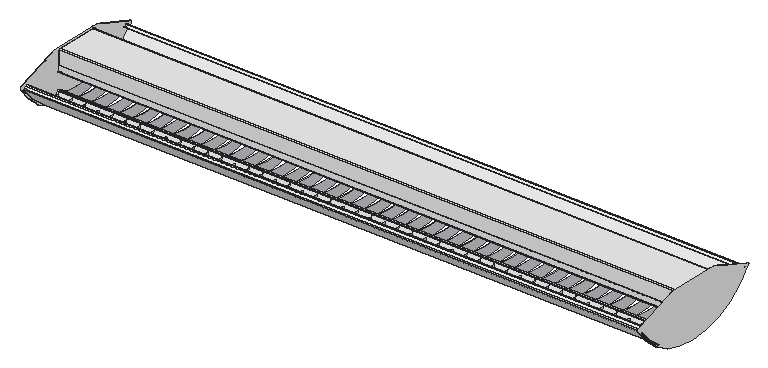
Revit family "LCBA46", category Lighting Fixtures, host Ceiling, Revit 2019 (continued)
Forms (in)
  Extrusion 50, solid
    sketch origin (-40.66667, 0, 0) x (0, 1, 0) y (0, 0, 1)
      loop
        line (1.90213, 72.88295) -> (1.84484, 72.86147) -> (1.81268, 72.94364)
        arc (1.81268, 72.94364) -> (-0.00072, 72.65579) -> (-1.81406, 72.94408) r 5.85148
        line (-1.81406, 72.94408) -> (-1.84484, 72.86147) -> (-1.90362, 72.88351)
        arc (-1.90362, 72.88351) -> (-1.99875, 72.88023) -> (-2.06363, 72.81059) r 0.12422
        line (-2.06363, 72.81059) -> (-2.1814, 72.49647)
        arc (-2.1814, 72.49647) -> (-2.17546, 72.44135) -> (-2.12767, 72.41325) r 0.0617
        line (-2.12767, 72.41325) -> (-2.01335, 72.41202) -> (-2.05986, 72.27994)
        arc (-2.05986, 72.27994) -> (0.00142, 71.9068) -> (2.06251, 72.28094) r 5.872
        line (2.06251, 72.28094) -> (2.01335, 72.41202) -> (2.1241, 72.41309)
        arc (2.1241, 72.41309) -> (2.17511, 72.4409) -> (2.18051, 72.49874) r 0.0618
        line (2.18051, 72.49874) -> (2.06311, 72.81193)
        arc (2.06311, 72.81193) -> (1.99756, 72.88131) -> (1.90213, 72.88295) r 0.12304
    from 22.84 to 22.872
  Extrusion 51, solid
    sketch origin (-41.68333, 0, 0) x (0, 1, 0) y (0, 0, 1)
      loop
        line (1.90213, 72.88295) -> (1.84484, 72.86147) -> (1.81268, 72.94364)
        arc (1.81268, 72.94364) -> (-0.00072, 72.65579) -> (-1.81406, 72.94408) r 5.85148
        line (-1.81406, 72.94408) -> (-1.84484, 72.86147) -> (-1.90362, 72.88351)
        arc (-1.90362, 72.88351) -> (-1.99875, 72.88023) -> (-2.06363, 72.81059) r 0.12422
        line (-2.06363, 72.81059) -> (-2.1814, 72.49647)
        arc (-2.1814, 72.49647) -> (-2.17546, 72.44135) -> (-2.12767, 72.41325) r 0.0617
        line (-2.12767, 72.41325) -> (-2.01335, 72.41202) -> (-2.05986, 72.27994)
        arc (-2.05986, 72.27994) -> (0.00142, 71.9068) -> (2.06251, 72.28094) r 5.872
        line (2.06251, 72.28094) -> (2.01335, 72.41202) -> (2.1241, 72.41309)
        arc (2.1241, 72.41309) -> (2.17511, 72.4409) -> (2.18051, 72.49874) r 0.0618
        line (2.18051, 72.49874) -> (2.06311, 72.81193)
        arc (2.06311, 72.81193) -> (1.99756, 72.88131) -> (1.90213, 72.88295) r 0.12304
    from 22.84 to 22.872
  Extrusion 52, solid
    sketch origin (-42.7, 0, 0) x (0, 1, 0) y (0, 0, 1)
      loop
        line (1.90213, 72.88295) -> (1.84484, 72.86147) -> (1.81268, 72.94364)
        arc (1.81268, 72.94364) -> (-0.00072, 72.65579) -> (-1.81406, 72.94408) r 5.85148
        line (-1.81406, 72.94408) -> (-1.84484, 72.86147) -> (-1.90362, 72.88351)
        arc (-1.90362, 72.88351) -> (-1.99875, 72.88023) -> (-2.06363, 72.81059) r 0.12422
        line (-2.06363, 72.81059) -> (-2.1814, 72.49647)
        arc (-2.1814, 72.49647) -> (-2.17546, 72.44135) -> (-2.12767, 72.41325) r 0.0617
        line (-2.12767, 72.41325) -> (-2.01335, 72.41202) -> (-2.05986, 72.27994)
        arc (-2.05986, 72.27994) -> (0.00142, 71.9068) -> (2.06251, 72.28094) r 5.872
        line (2.06251, 72.28094) -> (2.01335, 72.41202) -> (2.1241, 72.41309)
        arc (2.1241, 72.41309) -> (2.17511, 72.4409) -> (2.18051, 72.49874) r 0.0618
        line (2.18051, 72.49874) -> (2.06311, 72.81193)
        arc (2.06311, 72.81193) -> (1.99756, 72.88131) -> (1.90213, 72.88295) r 0.12304
    from 22.84 to 22.872
  Extrusion 53, solid
    sketch origin (-43.71667, 0, 0) x (0, 1, 0) y (0, 0, 1)
      loop
        line (1.90213, 72.88295) -> (1.84484, 72.86147) -> (1.81268, 72.94364)
        arc (1.81268, 72.94364) -> (-0.00072, 72.65579) -> (-1.81406, 72.94408) r 5.85148
        line (-1.81406, 72.94408) -> (-1.84484, 72.86147) -> (-1.90362, 72.88351)
        arc (-1.90362, 72.88351) -> (-1.99875, 72.88023) -> (-2.06363, 72.81059) r 0.12422
        line (-2.06363, 72.81059) -> (-2.1814, 72.49647)
        arc (-2.1814, 72.49647) -> (-2.17546, 72.44135) -> (-2.12767, 72.41325) r 0.0617
        line (-2.12767, 72.41325) -> (-2.01335, 72.41202) -> (-2.05986, 72.27994)
        arc (-2.05986, 72.27994) -> (0.00142, 71.9068) -> (2.06251, 72.28094) r 5.872
        line (2.06251, 72.28094) -> (2.01335, 72.41202) -> (2.1241, 72.41309)
        arc (2.1241, 72.41309) -> (2.17511, 72.4409) -> (2.18051, 72.49874) r 0.0618
        line (2.18051, 72.49874) -> (2.06311, 72.81193)
        arc (2.06311, 72.81193) -> (1.99756, 72.88131) -> (1.90213, 72.88295) r 0.12304
    from 22.84 to 22.872
  Extrusion 54, solid
    sketch origin (-44.73333, 0, 0) x (0, 1, 0) y (0, 0, 1)
      loop
        line (1.90213, 72.88295) -> (1.84484, 72.86147) -> (1.81268, 72.94364)
        arc (1.81268, 72.94364) -> (-0.00072, 72.65579) -> (-1.81406, 72.94408) r 5.85148
        line (-1.81406, 72.94408) -> (-1.84484, 72.86147) -> (-1.90362, 72.88351)
        arc (-1.90362, 72.88351) -> (-1.99875, 72.88023) -> (-2.06363, 72.81059) r 0.12422
        line (-2.06363, 72.81059) -> (-2.1814, 72.49647)
        arc (-2.1814, 72.49647) -> (-2.17546, 72.44135) -> (-2.12767, 72.41325) r 0.0617
        line (-2.12767, 72.41325) -> (-2.01335, 72.41202) -> (-2.05986, 72.27994)
        arc (-2.05986, 72.27994) -> (0.00142, 71.9068) -> (2.06251, 72.28094) r 5.872
        line (2.06251, 72.28094) -> (2.01335, 72.41202) -> (2.1241, 72.41309)
        arc (2.1241, 72.41309) -> (2.17511, 72.4409) -> (2.18051, 72.49874) r 0.0618
        line (2.18051, 72.49874) -> (2.06311, 72.81193)
        arc (2.06311, 72.81193) -> (1.99756, 72.88131) -> (1.90213, 72.88295) r 0.12304
    from 22.84 to 22.872
Dimensions and locks (in)
  equal spacing: host sketch curve, plane 3 "Light Source Axis (L/R)", host sketch curve
  equal spacing: host sketch curve, plane 1 "Light Source Axis (F/B)", host sketch curve
  host sketch curve to host sketch curve = 10' - 0"  (x2)
  equal spacing: plane 5, plane 3 "Light Source Axis (L/R)", plane 6
  "Length": plane 5 to plane 6
  equal spacing: plane 7, plane 1 "Light Source Axis (F/B)", plane 8
  "Width": plane 7 to plane 8
  plane 5 to plane 3 "Light Source Axis (L/R)" = 1' - 11 1/16"
  plane 7 to plane 1 "Light Source Axis (F/B)" = 0' - 5 1/8"
  plane 6 to plane 3 "Light Source Axis (L/R)" = 1' - 11 1/16"
  locked: plane 9 to plane 5 at 0.03125
  locked: plane 10 to plane 6 at 0.03125
  plane 4 "Light Source Elevation" to host ceiling = 1' - 11 5/8"
  locked: plane 5 to plane 11 at 0.0625
  locked: plane 12 to plane 6 at 0.0625
  locked: plane 13 "Start of Divider" to plane 6 at 0.1905
  equal spacing: group 2, group 46, group 45, group 44, group 43, group 42, group 41, group 40, group 39, group 38, group 37, group 36, group 35, group 34, group 33, group 32, group 31, group 30, group 29, group 28, group 27, group 26, group 25, group 24, group 23, group 22, group 21, group 20, group 19, group 18, group 17, group 16, group 15, group 14, group 13, group 12, group 11, group 10, group 9, group 8, group 7, group 6, group 5, group 4, group 3, group 1
  equal spacing: group 1, group 3, group 4, group 5, group 6, group 7, group 8, group 9, group 10, group 11, group 12, group 13, group 14, group 15, group 16, group 17, group 18, group 19, group 20, group 21, group 22, group 23, group 24, group 25, group 26, group 27, group 28, group 29, group 30, group 31, group 32, group 33, group 34, group 35, group 36, group 37, group 38, group 39, group 40, group 41, group 42, group 43, group 44, group 45, group 46, group 2  (x2)
  aligned and locked: plane 3 "Light Source Axis (L/R)" to imposter light
  aligned and locked: plane 1 "Light Source Axis (F/B)" to imposter light
  aligned and locked: plane 4 "Light Source Elevation" to imposter light
  aligned and locked: plane 6 to Extrusion 1
  aligned and locked: Extrusion 1 to plane 10
  aligned and locked: Extrusion 2 to plane 5
  aligned and locked: Extrusion 2 to plane 9
  aligned and locked: Extrusion 3 to plane 9
  aligned and locked: plane 10 to Extrusion 3
  aligned and locked: Extrusion 4 to plane 9
  aligned and locked: Extrusion 4 to Extrusion 1
  aligned and locked: Extrusion 5 to plane 9
  aligned and locked: plane 10 to Extrusion 5
  aligned and locked: Extrusion 6 to Extrusion 1
  aligned and locked: Extrusion 6 to plane 12
  aligned and locked: Extrusion 7 to plane 9
  aligned and locked: plane 11 to Extrusion 7
  aligned and locked: Extrusion 8 to plane 11
  aligned and locked: plane 12 to Extrusion 8
  aligned and locked: Extrusion 9 to plane 13 "Start of Divider"
Automatic sketch dimensions
  Extrusion 1 sketch curve to plane 8 = 0' - 0"  (x2)
  Extrusion 1 sketch curve to plane 1 "Light Source Axis (F/B)" = 0' - 0"
  Extrusion 1 sketch curve to plane 7 = 0' - 0"  (x2)
  plane 8 to Extrusion 1 sketch curve = 0' - 0.06165"
  plane 8 to Extrusion 1 sketch curve = 0' - 0.10459"
  plane 1 "Light Source Axis (F/B)" to Extrusion 1 sketch curve = 0' - 2.37456"
  plane 1 "Light Source Axis (F/B)" to Extrusion 1 sketch curve = 0' - 1 11/16"
  Extrusion 1 sketch curve to plane 1 "Light Source Axis (F/B)" = 0' - 1 11/16"
  Extrusion 1 sketch curve to Extrusion 1 sketch curve = 0' - 0.68706"
  Extrusion 1 sketch curve to plane 7 = 0' - 0.10459"
  Extrusion 1 sketch curve to plane 7 = 0' - 0.06165"
  Extrusion 1 sketch curve to plane 4 "Light Source Elevation" = 0' - 1.969"  (x2)
  Extrusion 1 sketch curve to plane 4 "Light Source Elevation" = 0' - 2.74635"
  Extrusion 1 sketch curve to Extrusion 1 sketch curve = 0' - 0.11739"
  Extrusion 1 sketch curve to Extrusion 1 sketch curve = 0' - 1.87828"
  Extrusion 2 sketch curve to plane 8 = 0' - 0"  (x2)
  Extrusion 2 sketch curve to plane 1 "Light Source Axis (F/B)" = 0' - 0"
  Extrusion 2 sketch curve to plane 7 = 0' - 0"  (x2)
  plane 8 to Extrusion 2 sketch curve = 0' - 0.06165"
  plane 8 to Extrusion 2 sketch curve = 0' - 0.10459"
  plane 1 "Light Source Axis (F/B)" to Extrusion 2 sketch curve = 0' - 2.37456"
  plane 1 "Light Source Axis (F/B)" to Extrusion 2 sketch curve = 0' - 1 11/16"
  Extrusion 2 sketch curve to plane 1 "Light Source Axis (F/B)" = 0' - 1 11/16"
  Extrusion 2 sketch curve to Extrusion 2 sketch curve = 0' - 0.68706"
  Extrusion 2 sketch curve to plane 7 = 0' - 0.10459"
  Extrusion 2 sketch curve to plane 7 = 0' - 0.06165"
  Extrusion 2 sketch curve to plane 4 "Light Source Elevation" = 0' - 6.032"
  Extrusion 2 sketch curve to Extrusion 2 sketch curve = 0' - 2.063"
  Extrusion 2 sketch curve to Extrusion 2 sketch curve = 0' - 0.12172"  (x2)
  Extrusion 2 sketch curve to Extrusion 2 sketch curve = 0' - 0.98354"
  Extrusion 3 sketch curve to Extrusion 3 sketch curve = 0' - 0"  (x9)
  Extrusion 3 sketch curve to plane 1 "Light Source Axis (F/B)" = 0' - 0.15717"
  Extrusion 3 sketch curve to plane 1 "Light Source Axis (F/B)" = 0' - 1.58208"
  Extrusion 3 sketch curve to plane 4 "Light Source Elevation" = 0' - 1.14403"
  Extrusion 3 sketch curve to Extrusion 3 sketch curve = 0' - 0.00572"
  Extrusion 3 sketch curve to plane 4 "Light Source Elevation" = 0' - 1.20319"
  Extrusion 3 sketch curve to Extrusion 3 sketch curve = 0' - 0.15265"
  Extrusion 3 sketch curve to Extrusion 3 sketch curve = 0' - 0.00571"
  Extrusion 3 sketch curve to Extrusion 3 sketch curve = 0' - 0.0069"
  Extrusion 3 sketch curve to Extrusion 3 sketch curve = 0' - 0.00002"
  Extrusion 3 sketch curve to plane 4 "Light Source Elevation" = 0' - 0.48292"
  Extrusion 3 sketch curve to Extrusion 3 sketch curve = 0' - 0.35994"
  Extrusion 3 sketch curve to plane 7 = 0' - 0.68708"
  Extrusion 3 sketch curve to Extrusion 3 sketch curve = 0' - 0.01592"  (x2)
  Extrusion 3 sketch curve to Extrusion 3 sketch curve = 0' - 0.20109"
  Extrusion 3 sketch curve to Extrusion 3 sketch curve = 0' - 0.01987"
  Extrusion 3 sketch curve to Extrusion 3 sketch curve = 0' - 0.02474"  (x2)
  Extrusion 3 sketch curve to Extrusion 3 sketch curve = 0' - 0.01982"  (x2)
  Extrusion 3 sketch curve to Extrusion 3 sketch curve = 0' - 0.15227"
  Extrusion 3 sketch curve to Extrusion 3 sketch curve = 0' - 0.00269"
  Extrusion 3 sketch curve to Extrusion 3 sketch curve = 0' - 0.02579"  (x2)
  Extrusion 3 sketch curve to Extrusion 3 sketch curve = 0' - 0.03219"
  Extrusion 3 sketch curve to plane 4 "Light Source Elevation" = 0' - 8.81425"
  plane 7 to Extrusion 3 sketch curve = 1' - 6.15424"
  Extrusion 3 sketch curve to Extrusion 3 sketch curve = 0' - 0.00005"
  Extrusion 3 sketch curve to Extrusion 3 sketch curve = 0' - 0.06783"
  Extrusion 3 sketch curve to Extrusion 3 sketch curve = 0' - 0.00011"
  Extrusion 3 sketch curve to Extrusion 3 sketch curve = 0' - 0.03066"
  Extrusion 3 sketch curve to plane 4 "Light Source Elevation" = 0' - 2.54053"
  Extrusion 3 sketch curve to Extrusion 3 sketch curve = 0' - 0.01764"  (x2)
  Extrusion 3 sketch curve to Extrusion 3 sketch curve = 0' - 0.05099"
  Extrusion 3 sketch curve to Extrusion 3 sketch curve = 0' - 0.02202"
  Extrusion 3 sketch curve to Extrusion 3 sketch curve = 0' - 0.04169"
  Extrusion 3 sketch curve to Extrusion 3 sketch curve = 0' - 0.02689"
  Extrusion 3 sketch curve to Extrusion 3 sketch curve = 0' - 0.03356"
  Extrusion 3 sketch curve to Extrusion 3 sketch curve = 0' - 4.57795"
  Extrusion 3 sketch curve to Extrusion 3 sketch curve = 0' - 0.00017"
  Extrusion 3 sketch curve to Extrusion 3 sketch curve = 0' - 0.03546"
  Extrusion 3 sketch curve to Extrusion 3 sketch curve = 0' - 0.02926"
  Extrusion 3 sketch curve to Extrusion 3 sketch curve = 0' - 0.02904"
  Extrusion 4 sketch curve to Extrusion 4 sketch curve = 0' - 0"  (x14)
  Extrusion 4 sketch curve to plane 4 "Light Source Elevation" = 0' - 8.8141"
  Extrusion 4 sketch curve to plane 8 = 1' - 6.1543"
  plane 8 to Extrusion 4 sketch curve = 0' - 0.25148"
  Extrusion 4 sketch curve to Extrusion 4 sketch curve = 0' - 0.01982"  (x2)
  Extrusion 4 sketch curve to Extrusion 4 sketch curve = 0' - 0.02395"  (x2)
  Extrusion 4 sketch curve to Extrusion 4 sketch curve = 0' - 0.15496"
  Extrusion 4 sketch curve to Extrusion 4 sketch curve = 0' - 0.01923"
  Extrusion 4 sketch curve to Extrusion 4 sketch curve = 0' - 0.01592"  (x2)
  Extrusion 4 sketch curve to Extrusion 4 sketch curve = 0' - 0.20109"
  plane 1 "Light Source Axis (F/B)" to Extrusion 4 sketch curve = 0' - 2.10733"
  Extrusion 4 sketch curve to Extrusion 4 sketch curve = 0' - 0.36004"
  Extrusion 4 sketch curve to Extrusion 4 sketch curve = 0' - 0.01127"
  Extrusion 4 sketch curve to Extrusion 4 sketch curve = 0' - 0.00715"
  Extrusion 4 sketch curve to plane 4 "Light Source Elevation" = 0' - 1.14526"
  Extrusion 4 sketch curve to Extrusion 4 sketch curve = 0' - 0 19/128"
  Extrusion 4 sketch curve to plane 4 "Light Source Elevation" = 0' - 1.17598"
  Extrusion 4 sketch curve to Extrusion 4 sketch curve = 0' - 0.00572"
  plane 1 "Light Source Axis (F/B)" to Extrusion 4 sketch curve = 0' - 0.15717"
  Extrusion 4 sketch curve to Extrusion 4 sketch curve = 0' - 0.03733"
  Extrusion 4 sketch curve to plane 4 "Light Source Elevation" = 0' - 0.48292"
  Extrusion 4 sketch curve to plane 4 "Light Source Elevation" = 0' - 2.63117"
  Extrusion 4 sketch curve to Extrusion 4 sketch curve = 0' - 0.02918"
  Extrusion 4 sketch curve to Extrusion 4 sketch curve = 0' - 0.04061"
  Extrusion 4 sketch curve to Extrusion 4 sketch curve = 0' - 0.02416"
  Extrusion 4 sketch curve to Extrusion 4 sketch curve = 0' - 0.02689"
  Extrusion 4 sketch curve to Extrusion 4 sketch curve = 0' - 0.03248"
  Extrusion 4 sketch curve to Extrusion 4 sketch curve = 0' - 4.57673"
  Extrusion 4 sketch curve to Extrusion 4 sketch curve = 0' - 0.06091"
  Extrusion 4 sketch curve to Extrusion 4 sketch curve = 0' - 0.03262"
  Extrusion 4 sketch curve to Extrusion 4 sketch curve = 0' - 0.02644"
  Extrusion 4 sketch curve to Extrusion 4 sketch curve = 0' - 0.0115"
  Extrusion 4 sketch curve to Extrusion 4 sketch curve = 0' - 0.0351"
  Extrusion 4 sketch curve to Extrusion 4 sketch curve = 0' - 0.00003"  (x2)
  Extrusion 4 sketch curve to Extrusion 4 sketch curve = 0' - 0.02908"
  Extrusion 5 sketch curve to Extrusion 5 sketch curve = 0' - 0"  (x4)
  plane 1 "Light Source Axis (F/B)" to Extrusion 5 sketch curve = 0' - 1 5/8"
  Extrusion 5 sketch curve to Extrusion 5 sketch curve = 0' - 0 1/32"
  Extrusion 5 sketch curve to Extrusion 5 sketch curve = 0' - 0.03775"  (x2)
  Extrusion 5 sketch curve to plane 1 "Light Source Axis (F/B)" = 0' - 1.556"
  Extrusion 5 sketch curve to plane 4 "Light Source Elevation" = 0' - 2.376"  (x2)
  Extrusion 5 sketch curve to Extrusion 5 sketch curve = 0' - 1.462"
  plane 1 "Light Source Axis (F/B)" to Extrusion 6 sketch curve = 0' - 1 19/32"
  Extrusion 6 sketch curve to Extrusion 6 sketch curve = 0' - 0.03775"  (x2)
  Extrusion 6 sketch curve to plane 1 "Light Source Axis (F/B)" = 0' - 1.556"
  Extrusion 6 sketch curve to plane 4 "Light Source Elevation" = 0' - 2.376"
  Extrusion 6 sketch curve to Extrusion 6 sketch curve = 0' - 1.462"
  plane 1 "Light Source Axis (F/B)" to Extrusion 7 sketch curve = 0' - 1 19/32"
  Extrusion 7 sketch curve to Extrusion 7 sketch curve = 0' - 0.03775"  (x2)
  Extrusion 7 sketch curve to plane 1 "Light Source Axis (F/B)" = 0' - 1.556"
  Extrusion 7 sketch curve to plane 4 "Light Source Elevation" = 0' - 3.87575"
  Extrusion 7 sketch curve to Extrusion 7 sketch curve = 0' - 1.462"
  Extrusion 8 sketch curve to Extrusion 8 sketch curve = 0' - 0"  (x4)
  plane 1 "Light Source Axis (F/B)" to Extrusion 8 sketch curve = 0' - 1.68875"
  Extrusion 8 sketch curve to Extrusion 8 sketch curve = 0' - 0 1/32"
  Extrusion 8 sketch curve to Extrusion 8 sketch curve = 0' - 0.039"  (x2)
  Extrusion 8 sketch curve to plane 1 "Light Source Axis (F/B)" = 0' - 1.6185"
  Extrusion 8 sketch curve to plane 4 "Light Source Elevation" = 0' - 2.34475"
  Extrusion 8 sketch curve to Extrusion 8 sketch curve = 0' - 0.431"  (x2)
  Extrusion 9 sketch curve to Extrusion 9 sketch curve = 0' - 0.05373"
  Extrusion 9 sketch curve to Extrusion 9 sketch curve = 0' - 0.00404"
  Extrusion 9 sketch curve to Extrusion 9 sketch curve = 0' - 0.11777"
  Extrusion 9 sketch curve to Extrusion 9 sketch curve = 0' - 0.06782"
  Extrusion 9 sketch curve to Extrusion 9 sketch curve = 0' - 0.11432"
  Extrusion 9 sketch curve to Extrusion 9 sketch curve = 0' - 0.1164"
  Extrusion 9 sketch curve to Extrusion 9 sketch curve = 0' - 0.04361"
  Extrusion 9 sketch curve to Extrusion 9 sketch curve = 0' - 0.05878"
  Extrusion 9 sketch curve to Extrusion 9 sketch curve = 0' - 0.03078"
  Extrusion 9 sketch curve to Extrusion 9 sketch curve = 0' - 0.03216"
  Extrusion 9 sketch curve to Extrusion 9 sketch curve = 0' - 0.05729"
  Extrusion 9 sketch curve to Extrusion 9 sketch curve = 0' - 0.04577"
  Extrusion 9 sketch curve to Extrusion 9 sketch curve = 0' - 0.06545"
  Extrusion 9 sketch curve to Extrusion 9 sketch curve = 0' - 0.04916"
  Extrusion 9 sketch curve to Extrusion 9 sketch curve = 0' - 0.11521"
  Extrusion 9 sketch curve to Extrusion 9 sketch curve = 0' - 0.11015"
  Extrusion 9 sketch curve to Extrusion 9 sketch curve = 0' - 0.0006"
  Extrusion 9 sketch curve to Extrusion 9 sketch curve = 0' - 0.05701"
  Extrusion 9 sketch curve to Extrusion 9 sketch curve = 0' - 0.04319"
  Extrusion 9 sketch curve to Extrusion 9 sketch curve = 0' - 0.02204"
  Extrusion 9 sketch curve to Extrusion 9 sketch curve = 0' - 0.02148"
  Extrusion 9 sketch curve to Extrusion 9 sketch curve = 0' - 0.08216"
  Extrusion 9 sketch curve to Extrusion 9 sketch curve = 0' - 0.08261"
  Extrusion 9 sketch curve to Extrusion 9 sketch curve = 0' - 1.81406"
  Extrusion 9 sketch curve to Extrusion 9 sketch curve = 0' - 0"
  Extrusion 9 sketch curve to Extrusion 9 sketch curve = 0' - 3.62674"
  Extrusion 9 sketch curve to Extrusion 9 sketch curve = 0' - 0.001"
  Extrusion 9 sketch curve to Extrusion 9 sketch curve = 0' - 0.13108"
  Extrusion 9 sketch curve to Extrusion 9 sketch curve = 0' - 0.13208"
  Extrusion 9 sketch curve to Extrusion 9 sketch curve = 0' - 0.00107"
  Extrusion 9 sketch curve to Extrusion 9 sketch curve = 0' - 0.00122"
  Extrusion 9 sketch curve to Extrusion 9 sketch curve = 0' - 0.06156"
  Extrusion 9 sketch curve to Extrusion 9 sketch curve = 0' - 0.0618"
  Extrusion 9 sketch curve to Extrusion 9 sketch curve = 0' - 0.29238"
  Extrusion 9 sketch curve to Extrusion 9 sketch curve = 0' - 0.29385"
  Extrusion 9 sketch curve to Extrusion 9 sketch curve = 0' - 0.0434"
  Extrusion 10 sketch curve to Extrusion 10 sketch curve = 0' - 0.05373"
  Extrusion 10 sketch curve to Extrusion 10 sketch curve = 0' - 0.00404"
  Extrusion 10 sketch curve to Extrusion 10 sketch curve = 0' - 0.11777"
  Extrusion 10 sketch curve to Extrusion 10 sketch curve = 0' - 0.06782"
  Extrusion 10 sketch curve to Extrusion 10 sketch curve = 0' - 0.11432"
  Extrusion 10 sketch curve to Extrusion 10 sketch curve = 0' - 0.1164"
  Extrusion 10 sketch curve to Extrusion 10 sketch curve = 0' - 0.04361"
  Extrusion 10 sketch curve to Extrusion 10 sketch curve = 0' - 0.05878"
  Extrusion 10 sketch curve to Extrusion 10 sketch curve = 0' - 0.03078"
  Extrusion 10 sketch curve to Extrusion 10 sketch curve = 0' - 0.03216"
  Extrusion 10 sketch curve to Extrusion 10 sketch curve = 0' - 0.05729"
  Extrusion 10 sketch curve to Extrusion 10 sketch curve = 0' - 0.04577"
  Extrusion 10 sketch curve to Extrusion 10 sketch curve = 0' - 0.06545"
  Extrusion 10 sketch curve to Extrusion 10 sketch curve = 0' - 0.04916"
  Extrusion 10 sketch curve to Extrusion 10 sketch curve = 0' - 0.11521"
  Extrusion 10 sketch curve to Extrusion 10 sketch curve = 0' - 0.11015"
  Extrusion 10 sketch curve to Extrusion 10 sketch curve = 0' - 0.0006"
  Extrusion 10 sketch curve to Extrusion 10 sketch curve = 0' - 0.05701"
  Extrusion 10 sketch curve to Extrusion 10 sketch curve = 0' - 0.04319"
  Extrusion 10 sketch curve to Extrusion 10 sketch curve = 0' - 0.02204"
  Extrusion 10 sketch curve to Extrusion 10 sketch curve = 0' - 0.02148"
  Extrusion 10 sketch curve to Extrusion 10 sketch curve = 0' - 0.08216"
  Extrusion 10 sketch curve to Extrusion 10 sketch curve = 0' - 0.08261"
  Extrusion 10 sketch curve to Extrusion 10 sketch curve = 0' - 1.81406"
  Extrusion 10 sketch curve to Extrusion 10 sketch curve = 0' - 0"
  Extrusion 10 sketch curve to Extrusion 10 sketch curve = 0' - 3.62674"
  Extrusion 10 sketch curve to Extrusion 10 sketch curve = 0' - 0.001"
  Extrusion 10 sketch curve to Extrusion 10 sketch curve = 0' - 0.13108"
  Extrusion 10 sketch curve to Extrusion 10 sketch curve = 0' - 0.13208"
  Extrusion 10 sketch curve to Extrusion 10 sketch curve = 0' - 0.00107"
  Extrusion 10 sketch curve to Extrusion 10 sketch curve = 0' - 0.00122"
  Extrusion 10 sketch curve to Extrusion 10 sketch curve = 0' - 0.06156"
  Extrusion 10 sketch curve to Extrusion 10 sketch curve = 0' - 0.0618"
  Extrusion 10 sketch curve to Extrusion 10 sketch curve = 0' - 0.29238"
  Extrusion 10 sketch curve to Extrusion 10 sketch curve = 0' - 0.29385"
  Extrusion 10 sketch curve to Extrusion 10 sketch curve = 0' - 0.0434"
  Extrusion 11 sketch curve to Extrusion 11 sketch curve = 0' - 0.05373"
  Extrusion 11 sketch curve to Extrusion 11 sketch curve = 0' - 0.00404"
  Extrusion 11 sketch curve to Extrusion 11 sketch curve = 0' - 0.11777"
  Extrusion 11 sketch curve to Extrusion 11 sketch curve = 0' - 0.06782"
  Extrusion 11 sketch curve to Extrusion 11 sketch curve = 0' - 0.11432"
  Extrusion 11 sketch curve to Extrusion 11 sketch curve = 0' - 0.1164"
  Extrusion 11 sketch curve to Extrusion 11 sketch curve = 0' - 0.04361"
  Extrusion 11 sketch curve to Extrusion 11 sketch curve = 0' - 0.05878"
  Extrusion 11 sketch curve to Extrusion 11 sketch curve = 0' - 0.03078"
  Extrusion 11 sketch curve to Extrusion 11 sketch curve = 0' - 0.03216"
  Extrusion 11 sketch curve to Extrusion 11 sketch curve = 0' - 0.05729"
  Extrusion 11 sketch curve to Extrusion 11 sketch curve = 0' - 0.04577"
  Extrusion 11 sketch curve to Extrusion 11 sketch curve = 0' - 0.06545"
  Extrusion 11 sketch curve to Extrusion 11 sketch curve = 0' - 0.04916"
  Extrusion 11 sketch curve to Extrusion 11 sketch curve = 0' - 0.11521"
  Extrusion 11 sketch curve to Extrusion 11 sketch curve = 0' - 0.11015"
  Extrusion 11 sketch curve to Extrusion 11 sketch curve = 0' - 0.0006"
  Extrusion 11 sketch curve to Extrusion 11 sketch curve = 0' - 0.05701"
  Extrusion 11 sketch curve to Extrusion 11 sketch curve = 0' - 0.04319"
  Extrusion 11 sketch curve to Extrusion 11 sketch curve = 0' - 0.02204"
  Extrusion 11 sketch curve to Extrusion 11 sketch curve = 0' - 0.02148"
  Extrusion 11 sketch curve to Extrusion 11 sketch curve = 0' - 0.08216"
  Extrusion 11 sketch curve to Extrusion 11 sketch curve = 0' - 0.08261"
  Extrusion 11 sketch curve to Extrusion 11 sketch curve = 0' - 1.81406"
  Extrusion 11 sketch curve to Extrusion 11 sketch curve = 0' - 0"
  Extrusion 11 sketch curve to Extrusion 11 sketch curve = 0' - 3.62674"
  Extrusion 11 sketch curve to Extrusion 11 sketch curve = 0' - 0.001"
  Extrusion 11 sketch curve to Extrusion 11 sketch curve = 0' - 0.13108"
  Extrusion 11 sketch curve to Extrusion 11 sketch curve = 0' - 0.13208"
  Extrusion 11 sketch curve to Extrusion 11 sketch curve = 0' - 0.00107"
  Extrusion 11 sketch curve to Extrusion 11 sketch curve = 0' - 0.00122"
  Extrusion 11 sketch curve to Extrusion 11 sketch curve = 0' - 0.06156"
  Extrusion 11 sketch curve to Extrusion 11 sketch curve = 0' - 0.0618"
  Extrusion 11 sketch curve to Extrusion 11 sketch curve = 0' - 0.29238"
  Extrusion 11 sketch curve to Extrusion 11 sketch curve = 0' - 0.29385"
  Extrusion 11 sketch curve to Extrusion 11 sketch curve = 0' - 0.0434"
  Extrusion 12 sketch curve to Extrusion 12 sketch curve = 0' - 0.05373"
  Extrusion 12 sketch curve to Extrusion 12 sketch curve = 0' - 0.00404"
  Extrusion 12 sketch curve to Extrusion 12 sketch curve = 0' - 0.11777"
  Extrusion 12 sketch curve to Extrusion 12 sketch curve = 0' - 0.06782"
  Extrusion 12 sketch curve to Extrusion 12 sketch curve = 0' - 0.11432"
  Extrusion 12 sketch curve to Extrusion 12 sketch curve = 0' - 0.1164"
  Extrusion 12 sketch curve to Extrusion 12 sketch curve = 0' - 0.04361"
  Extrusion 12 sketch curve to Extrusion 12 sketch curve = 0' - 0.05878"
  Extrusion 12 sketch curve to Extrusion 12 sketch curve = 0' - 0.03078"
  Extrusion 12 sketch curve to Extrusion 12 sketch curve = 0' - 0.03216"
  Extrusion 12 sketch curve to Extrusion 12 sketch curve = 0' - 0.05729"
  Extrusion 12 sketch curve to Extrusion 12 sketch curve = 0' - 0.04577"
  Extrusion 12 sketch curve to Extrusion 12 sketch curve = 0' - 0.06545"
  Extrusion 12 sketch curve to Extrusion 12 sketch curve = 0' - 0.04916"
  Extrusion 12 sketch curve to Extrusion 12 sketch curve = 0' - 0.11521"
  Extrusion 12 sketch curve to Extrusion 12 sketch curve = 0' - 0.11015"
  Extrusion 12 sketch curve to Extrusion 12 sketch curve = 0' - 0.0006"
  Extrusion 12 sketch curve to Extrusion 12 sketch curve = 0' - 0.05701"
  Extrusion 12 sketch curve to Extrusion 12 sketch curve = 0' - 0.04319"
  Extrusion 12 sketch curve to Extrusion 12 sketch curve = 0' - 0.02204"
  Extrusion 12 sketch curve to Extrusion 12 sketch curve = 0' - 0.02148"
  Extrusion 12 sketch curve to Extrusion 12 sketch curve = 0' - 0.08216"
  Extrusion 12 sketch curve to Extrusion 12 sketch curve = 0' - 0.08261"
  Extrusion 12 sketch curve to Extrusion 12 sketch curve = 0' - 1.81406"
  Extrusion 12 sketch curve to Extrusion 12 sketch curve = 0' - 0"
  Extrusion 12 sketch curve to Extrusion 12 sketch curve = 0' - 3.62674"
  Extrusion 12 sketch curve to Extrusion 12 sketch curve = 0' - 0.001"
  Extrusion 12 sketch curve to Extrusion 12 sketch curve = 0' - 0.13108"
  Extrusion 12 sketch curve to Extrusion 12 sketch curve = 0' - 0.13208"
  Extrusion 12 sketch curve to Extrusion 12 sketch curve = 0' - 0.00107"
  Extrusion 12 sketch curve to Extrusion 12 sketch curve = 0' - 0.00122"
  Extrusion 12 sketch curve to Extrusion 12 sketch curve = 0' - 0.06156"
  Extrusion 12 sketch curve to Extrusion 12 sketch curve = 0' - 0.0618"
  Extrusion 12 sketch curve to Extrusion 12 sketch curve = 0' - 0.29238"
  Extrusion 12 sketch curve to Extrusion 12 sketch curve = 0' - 0.29385"
  Extrusion 12 sketch curve to Extrusion 12 sketch curve = 0' - 0.0434"
  Extrusion 13 sketch curve to Extrusion 13 sketch curve = 0' - 0.05373"
  Extrusion 13 sketch curve to Extrusion 13 sketch curve = 0' - 0.00404"
  Extrusion 13 sketch curve to Extrusion 13 sketch curve = 0' - 0.11777"
  Extrusion 13 sketch curve to Extrusion 13 sketch curve = 0' - 0.06782"
  Extrusion 13 sketch curve to Extrusion 13 sketch curve = 0' - 0.11432"
  Extrusion 13 sketch curve to Extrusion 13 sketch curve = 0' - 0.1164"
  Extrusion 13 sketch curve to Extrusion 13 sketch curve = 0' - 0.04361"
  Extrusion 13 sketch curve to Extrusion 13 sketch curve = 0' - 0.05878"
  Extrusion 13 sketch curve to Extrusion 13 sketch curve = 0' - 0.03078"
  Extrusion 13 sketch curve to Extrusion 13 sketch curve = 0' - 0.03216"
  Extrusion 13 sketch curve to Extrusion 13 sketch curve = 0' - 0.05729"
  Extrusion 13 sketch curve to Extrusion 13 sketch curve = 0' - 0.04577"
  Extrusion 13 sketch curve to Extrusion 13 sketch curve = 0' - 0.06545"
  Extrusion 13 sketch curve to Extrusion 13 sketch curve = 0' - 0.04916"
  Extrusion 13 sketch curve to Extrusion 13 sketch curve = 0' - 0.11521"
  Extrusion 13 sketch curve to Extrusion 13 sketch curve = 0' - 0.11015"
  Extrusion 13 sketch curve to Extrusion 13 sketch curve = 0' - 0.0006"
  Extrusion 13 sketch curve to Extrusion 13 sketch curve = 0' - 0.05701"
  Extrusion 13 sketch curve to Extrusion 13 sketch curve = 0' - 0.04319"
  Extrusion 13 sketch curve to Extrusion 13 sketch curve = 0' - 0.02204"
  Extrusion 13 sketch curve to Extrusion 13 sketch curve = 0' - 0.02148"
  Extrusion 13 sketch curve to Extrusion 13 sketch curve = 0' - 0.08216"
  Extrusion 13 sketch curve to Extrusion 13 sketch curve = 0' - 0.08261"
  Extrusion 13 sketch curve to Extrusion 13 sketch curve = 0' - 1.81406"
  Extrusion 13 sketch curve to Extrusion 13 sketch curve = 0' - 0"
  Extrusion 13 sketch curve to Extrusion 13 sketch curve = 0' - 3.62674"
  Extrusion 13 sketch curve to Extrusion 13 sketch curve = 0' - 0.001"
  Extrusion 13 sketch curve to Extrusion 13 sketch curve = 0' - 0.13108"
  Extrusion 13 sketch curve to Extrusion 13 sketch curve = 0' - 0.13208"
  Extrusion 13 sketch curve to Extrusion 13 sketch curve = 0' - 0.00107"
  Extrusion 13 sketch curve to Extrusion 13 sketch curve = 0' - 0.00122"
  Extrusion 13 sketch curve to Extrusion 13 sketch curve = 0' - 0.06156"
  Extrusion 13 sketch curve to Extrusion 13 sketch curve = 0' - 0.0618"
  Extrusion 13 sketch curve to Extrusion 13 sketch curve = 0' - 0.29238"
  Extrusion 13 sketch curve to Extrusion 13 sketch curve = 0' - 0.29385"
  Extrusion 13 sketch curve to Extrusion 13 sketch curve = 0' - 0.0434"
  Extrusion 14 sketch curve to Extrusion 14 sketch curve = 0' - 0.05373"
  Extrusion 14 sketch curve to Extrusion 14 sketch curve = 0' - 0.00404"
  Extrusion 14 sketch curve to Extrusion 14 sketch curve = 0' - 0.11777"
  Extrusion 14 sketch curve to Extrusion 14 sketch curve = 0' - 0.06782"
  Extrusion 14 sketch curve to Extrusion 14 sketch curve = 0' - 0.11432"
  Extrusion 14 sketch curve to Extrusion 14 sketch curve = 0' - 0.1164"
  Extrusion 14 sketch curve to Extrusion 14 sketch curve = 0' - 0.04361"
  Extrusion 14 sketch curve to Extrusion 14 sketch curve = 0' - 0.05878"
  Extrusion 14 sketch curve to Extrusion 14 sketch curve = 0' - 0.03078"
  Extrusion 14 sketch curve to Extrusion 14 sketch curve = 0' - 0.03216"
  Extrusion 14 sketch curve to Extrusion 14 sketch curve = 0' - 0.05729"
  Extrusion 14 sketch curve to Extrusion 14 sketch curve = 0' - 0.04577"
  Extrusion 14 sketch curve to Extrusion 14 sketch curve = 0' - 0.06545"
  Extrusion 14 sketch curve to Extrusion 14 sketch curve = 0' - 0.04916"
  Extrusion 14 sketch curve to Extrusion 14 sketch curve = 0' - 0.11521"
  Extrusion 14 sketch curve to Extrusion 14 sketch curve = 0' - 0.11015"
  Extrusion 14 sketch curve to Extrusion 14 sketch curve = 0' - 0.0006"
  Extrusion 14 sketch curve to Extrusion 14 sketch curve = 0' - 0.05701"
  Extrusion 14 sketch curve to Extrusion 14 sketch curve = 0' - 0.04319"
  Extrusion 14 sketch curve to Extrusion 14 sketch curve = 0' - 0.02204"
  Extrusion 14 sketch curve to Extrusion 14 sketch curve = 0' - 0.02148"
  Extrusion 14 sketch curve to Extrusion 14 sketch curve = 0' - 0.08216"
  Extrusion 14 sketch curve to Extrusion 14 sketch curve = 0' - 0.08261"
  Extrusion 14 sketch curve to Extrusion 14 sketch curve = 0' - 1.81406"
  Extrusion 14 sketch curve to Extrusion 14 sketch curve = 0' - 0"
  Extrusion 14 sketch curve to Extrusion 14 sketch curve = 0' - 3.62674"
  Extrusion 14 sketch curve to Extrusion 14 sketch curve = 0' - 0.001"
  Extrusion 14 sketch curve to Extrusion 14 sketch curve = 0' - 0.13108"
  Extrusion 14 sketch curve to Extrusion 14 sketch curve = 0' - 0.13208"
  Extrusion 14 sketch curve to Extrusion 14 sketch curve = 0' - 0.00107"
  Extrusion 14 sketch curve to Extrusion 14 sketch curve = 0' - 0.00122"
  Extrusion 14 sketch curve to Extrusion 14 sketch curve = 0' - 0.06156"
  Extrusion 14 sketch curve to Extrusion 14 sketch curve = 0' - 0.0618"
  Extrusion 14 sketch curve to Extrusion 14 sketch curve = 0' - 0.29238"
  Extrusion 14 sketch curve to Extrusion 14 sketch curve = 0' - 0.29385"
  Extrusion 14 sketch curve to Extrusion 14 sketch curve = 0' - 0.0434"
  Extrusion 15 sketch curve to Extrusion 15 sketch curve = 0' - 0.05373"
  Extrusion 15 sketch curve to Extrusion 15 sketch curve = 0' - 0.00404"
  Extrusion 15 sketch curve to Extrusion 15 sketch curve = 0' - 0.11777"
  Extrusion 15 sketch curve to Extrusion 15 sketch curve = 0' - 0.06782"
  Extrusion 15 sketch curve to Extrusion 15 sketch curve = 0' - 0.11432"
  Extrusion 15 sketch curve to Extrusion 15 sketch curve = 0' - 0.1164"
  Extrusion 15 sketch curve to Extrusion 15 sketch curve = 0' - 0.04361"
  Extrusion 15 sketch curve to Extrusion 15 sketch curve = 0' - 0.05878"
  Extrusion 15 sketch curve to Extrusion 15 sketch curve = 0' - 0.03078"
  Extrusion 15 sketch curve to Extrusion 15 sketch curve = 0' - 0.03216"
  Extrusion 15 sketch curve to Extrusion 15 sketch curve = 0' - 0.05729"
  Extrusion 15 sketch curve to Extrusion 15 sketch curve = 0' - 0.04577"
  Extrusion 15 sketch curve to Extrusion 15 sketch curve = 0' - 0.06545"
  Extrusion 15 sketch curve to Extrusion 15 sketch curve = 0' - 0.04916"
  Extrusion 15 sketch curve to Extrusion 15 sketch curve = 0' - 0.11521"
  Extrusion 15 sketch curve to Extrusion 15 sketch curve = 0' - 0.11015"
  Extrusion 15 sketch curve to Extrusion 15 sketch curve = 0' - 0.0006"
  Extrusion 15 sketch curve to Extrusion 15 sketch curve = 0' - 0.05701"
  Extrusion 15 sketch curve to Extrusion 15 sketch curve = 0' - 0.04319"
  Extrusion 15 sketch curve to Extrusion 15 sketch curve = 0' - 0.02204"
  Extrusion 15 sketch curve to Extrusion 15 sketch curve = 0' - 0.02148"
  Extrusion 15 sketch curve to Extrusion 15 sketch curve = 0' - 0.08216"
  Extrusion 15 sketch curve to Extrusion 15 sketch curve = 0' - 0.08261"
  Extrusion 15 sketch curve to Extrusion 15 sketch curve = 0' - 1.81406"
  Extrusion 15 sketch curve to Extrusion 15 sketch curve = 0' - 0"
  Extrusion 15 sketch curve to Extrusion 15 sketch curve = 0' - 3.62674"
  Extrusion 15 sketch curve to Extrusion 15 sketch curve = 0' - 0.001"
  Extrusion 15 sketch curve to Extrusion 15 sketch curve = 0' - 0.13108"
  Extrusion 15 sketch curve to Extrusion 15 sketch curve = 0' - 0.13208"
  Extrusion 15 sketch curve to Extrusion 15 sketch curve = 0' - 0.00107"
  Extrusion 15 sketch curve to Extrusion 15 sketch curve = 0' - 0.00122"
  Extrusion 15 sketch curve to Extrusion 15 sketch curve = 0' - 0.06156"
  Extrusion 15 sketch curve to Extrusion 15 sketch curve = 0' - 0.0618"
  Extrusion 15 sketch curve to Extrusion 15 sketch curve = 0' - 0.29238"
  Extrusion 15 sketch curve to Extrusion 15 sketch curve = 0' - 0.29385"
  Extrusion 15 sketch curve to Extrusion 15 sketch curve = 0' - 0.0434"
  Extrusion 16 sketch curve to Extrusion 16 sketch curve = 0' - 0.05373"
  Extrusion 16 sketch curve to Extrusion 16 sketch curve = 0' - 0.00404"
  Extrusion 16 sketch curve to Extrusion 16 sketch curve = 0' - 0.11777"
  Extrusion 16 sketch curve to Extrusion 16 sketch curve = 0' - 0.06782"
  Extrusion 16 sketch curve to Extrusion 16 sketch curve = 0' - 0.11432"
  Extrusion 16 sketch curve to Extrusion 16 sketch curve = 0' - 0.1164"
  Extrusion 16 sketch curve to Extrusion 16 sketch curve = 0' - 0.04361"
  Extrusion 16 sketch curve to Extrusion 16 sketch curve = 0' - 0.05878"
  Extrusion 16 sketch curve to Extrusion 16 sketch curve = 0' - 0.03078"
  Extrusion 16 sketch curve to Extrusion 16 sketch curve = 0' - 0.03216"
  Extrusion 16 sketch curve to Extrusion 16 sketch curve = 0' - 0.05729"
  Extrusion 16 sketch curve to Extrusion 16 sketch curve = 0' - 0.04577"
  Extrusion 16 sketch curve to Extrusion 16 sketch curve = 0' - 0.06545"
  Extrusion 16 sketch curve to Extrusion 16 sketch curve = 0' - 0.04916"
  Extrusion 16 sketch curve to Extrusion 16 sketch curve = 0' - 0.11521"
  Extrusion 16 sketch curve to Extrusion 16 sketch curve = 0' - 0.11015"
  Extrusion 16 sketch curve to Extrusion 16 sketch curve = 0' - 0.0006"
  Extrusion 16 sketch curve to Extrusion 16 sketch curve = 0' - 0.05701"
  Extrusion 16 sketch curve to Extrusion 16 sketch curve = 0' - 0.04319"
  Extrusion 16 sketch curve to Extrusion 16 sketch curve = 0' - 0.02204"
  Extrusion 16 sketch curve to Extrusion 16 sketch curve = 0' - 0.02148"
  Extrusion 16 sketch curve to Extrusion 16 sketch curve = 0' - 0.08216"
  Extrusion 16 sketch curve to Extrusion 16 sketch curve = 0' - 0.08261"
  Extrusion 16 sketch curve to Extrusion 16 sketch curve = 0' - 1.81406"
  Extrusion 16 sketch curve to Extrusion 16 sketch curve = 0' - 0"
  Extrusion 16 sketch curve to Extrusion 16 sketch curve = 0' - 3.62674"
  Extrusion 16 sketch curve to Extrusion 16 sketch curve = 0' - 0.001"
  Extrusion 16 sketch curve to Extrusion 16 sketch curve = 0' - 0.13108"
  Extrusion 16 sketch curve to Extrusion 16 sketch curve = 0' - 0.13208"
  Extrusion 16 sketch curve to Extrusion 16 sketch curve = 0' - 0.00107"
  Extrusion 16 sketch curve to Extrusion 16 sketch curve = 0' - 0.00122"
  Extrusion 16 sketch curve to Extrusion 16 sketch curve = 0' - 0.06156"
  Extrusion 16 sketch curve to Extrusion 16 sketch curve = 0' - 0.0618"
  Extrusion 16 sketch curve to Extrusion 16 sketch curve = 0' - 0.29238"
  Extrusion 16 sketch curve to Extrusion 16 sketch curve = 0' - 0.29385"
  Extrusion 16 sketch curve to Extrusion 16 sketch curve = 0' - 0.0434"
  Extrusion 17 sketch curve to Extrusion 17 sketch curve = 0' - 0.05373"
  Extrusion 17 sketch curve to Extrusion 17 sketch curve = 0' - 0.00404"
  Extrusion 17 sketch curve to Extrusion 17 sketch curve = 0' - 0.11777"
  Extrusion 17 sketch curve to Extrusion 17 sketch curve = 0' - 0.06782"
  Extrusion 17 sketch curve to Extrusion 17 sketch curve = 0' - 0.11432"
  Extrusion 17 sketch curve to Extrusion 17 sketch curve = 0' - 0.1164"
  Extrusion 17 sketch curve to Extrusion 17 sketch curve = 0' - 0.04361"
  Extrusion 17 sketch curve to Extrusion 17 sketch curve = 0' - 0.05878"
  Extrusion 17 sketch curve to Extrusion 17 sketch curve = 0' - 0.03078"
  Extrusion 17 sketch curve to Extrusion 17 sketch curve = 0' - 0.03216"
  Extrusion 17 sketch curve to Extrusion 17 sketch curve = 0' - 0.05729"
  Extrusion 17 sketch curve to Extrusion 17 sketch curve = 0' - 0.04577"
  Extrusion 17 sketch curve to Extrusion 17 sketch curve = 0' - 0.06545"
  Extrusion 17 sketch curve to Extrusion 17 sketch curve = 0' - 0.04916"
  Extrusion 17 sketch curve to Extrusion 17 sketch curve = 0' - 0.11521"
  Extrusion 17 sketch curve to Extrusion 17 sketch curve = 0' - 0.11015"
  Extrusion 17 sketch curve to Extrusion 17 sketch curve = 0' - 0.0006"
  Extrusion 17 sketch curve to Extrusion 17 sketch curve = 0' - 0.05701"
  Extrusion 17 sketch curve to Extrusion 17 sketch curve = 0' - 0.04319"
  Extrusion 17 sketch curve to Extrusion 17 sketch curve = 0' - 0.02204"
  Extrusion 17 sketch curve to Extrusion 17 sketch curve = 0' - 0.02148"
  Extrusion 17 sketch curve to Extrusion 17 sketch curve = 0' - 0.08216"
  Extrusion 17 sketch curve to Extrusion 17 sketch curve = 0' - 0.08261"
  Extrusion 17 sketch curve to Extrusion 17 sketch curve = 0' - 1.81406"
  Extrusion 17 sketch curve to Extrusion 17 sketch curve = 0' - 0"
  Extrusion 17 sketch curve to Extrusion 17 sketch curve = 0' - 3.62674"
  Extrusion 17 sketch curve to Extrusion 17 sketch curve = 0' - 0.001"
  Extrusion 17 sketch curve to Extrusion 17 sketch curve = 0' - 0.13108"
  Extrusion 17 sketch curve to Extrusion 17 sketch curve = 0' - 0.13208"
  Extrusion 17 sketch curve to Extrusion 17 sketch curve = 0' - 0.00107"
  Extrusion 17 sketch curve to Extrusion 17 sketch curve = 0' - 0.00122"
  Extrusion 17 sketch curve to Extrusion 17 sketch curve = 0' - 0.06156"
  Extrusion 17 sketch curve to Extrusion 17 sketch curve = 0' - 0.0618"
  Extrusion 17 sketch curve to Extrusion 17 sketch curve = 0' - 0.29238"
  Extrusion 17 sketch curve to Extrusion 17 sketch curve = 0' - 0.29385"
  Extrusion 17 sketch curve to Extrusion 17 sketch curve = 0' - 0.0434"
  Extrusion 18 sketch curve to Extrusion 18 sketch curve = 0' - 0.05373"
  Extrusion 18 sketch curve to Extrusion 18 sketch curve = 0' - 0.00404"
  Extrusion 18 sketch curve to Extrusion 18 sketch curve = 0' - 0.11777"
  Extrusion 18 sketch curve to Extrusion 18 sketch curve = 0' - 0.06782"
  Extrusion 18 sketch curve to Extrusion 18 sketch curve = 0' - 0.11432"
  Extrusion 18 sketch curve to Extrusion 18 sketch curve = 0' - 0.1164"
  Extrusion 18 sketch curve to Extrusion 18 sketch curve = 0' - 0.04361"
  Extrusion 18 sketch curve to Extrusion 18 sketch curve = 0' - 0.05878"
  Extrusion 18 sketch curve to Extrusion 18 sketch curve = 0' - 0.03078"
  Extrusion 18 sketch curve to Extrusion 18 sketch curve = 0' - 0.03216"
  Extrusion 18 sketch curve to Extrusion 18 sketch curve = 0' - 0.05729"
  Extrusion 18 sketch curve to Extrusion 18 sketch curve = 0' - 0.04577"
  Extrusion 18 sketch curve to Extrusion 18 sketch curve = 0' - 0.06545"
  Extrusion 18 sketch curve to Extrusion 18 sketch curve = 0' - 0.04916"
  Extrusion 18 sketch curve to Extrusion 18 sketch curve = 0' - 0.11521"
  Extrusion 18 sketch curve to Extrusion 18 sketch curve = 0' - 0.11015"
  Extrusion 18 sketch curve to Extrusion 18 sketch curve = 0' - 0.0006"
  Extrusion 18 sketch curve to Extrusion 18 sketch curve = 0' - 0.05701"
  Extrusion 18 sketch curve to Extrusion 18 sketch curve = 0' - 0.04319"
  Extrusion 18 sketch curve to Extrusion 18 sketch curve = 0' - 0.02204"
  Extrusion 18 sketch curve to Extrusion 18 sketch curve = 0' - 0.02148"
  Extrusion 18 sketch curve to Extrusion 18 sketch curve = 0' - 0.08216"
  Extrusion 18 sketch curve to Extrusion 18 sketch curve = 0' - 0.08261"
  Extrusion 18 sketch curve to Extrusion 18 sketch curve = 0' - 1.81406"
  Extrusion 18 sketch curve to Extrusion 18 sketch curve = 0' - 0"
  Extrusion 18 sketch curve to Extrusion 18 sketch curve = 0' - 3.62674"
  Extrusion 18 sketch curve to Extrusion 18 sketch curve = 0' - 0.001"
  Extrusion 18 sketch curve to Extrusion 18 sketch curve = 0' - 0.13108"
  Extrusion 18 sketch curve to Extrusion 18 sketch curve = 0' - 0.13208"
  Extrusion 18 sketch curve to Extrusion 18 sketch curve = 0' - 0.00107"
  Extrusion 18 sketch curve to Extrusion 18 sketch curve = 0' - 0.00122"
  Extrusion 18 sketch curve to Extrusion 18 sketch curve = 0' - 0.06156"
  Extrusion 18 sketch curve to Extrusion 18 sketch curve = 0' - 0.0618"
  Extrusion 18 sketch curve to Extrusion 18 sketch curve = 0' - 0.29238"
  Extrusion 18 sketch curve to Extrusion 18 sketch curve = 0' - 0.29385"
  Extrusion 18 sketch curve to Extrusion 18 sketch curve = 0' - 0.0434"
  Extrusion 19 sketch curve to Extrusion 19 sketch curve = 0' - 0.05373"
  Extrusion 19 sketch curve to Extrusion 19 sketch curve = 0' - 0.00404"
  Extrusion 19 sketch curve to Extrusion 19 sketch curve = 0' - 0.11777"
  Extrusion 19 sketch curve to Extrusion 19 sketch curve = 0' - 0.06782"
  Extrusion 19 sketch curve to Extrusion 19 sketch curve = 0' - 0.11432"
  Extrusion 19 sketch curve to Extrusion 19 sketch curve = 0' - 0.1164"
  Extrusion 19 sketch curve to Extrusion 19 sketch curve = 0' - 0.04361"
  Extrusion 19 sketch curve to Extrusion 19 sketch curve = 0' - 0.05878"
  Extrusion 19 sketch curve to Extrusion 19 sketch curve = 0' - 0.03078"
  Extrusion 19 sketch curve to Extrusion 19 sketch curve = 0' - 0.03216"
  Extrusion 19 sketch curve to Extrusion 19 sketch curve = 0' - 0.05729"
  Extrusion 19 sketch curve to Extrusion 19 sketch curve = 0' - 0.04577"
  Extrusion 19 sketch curve to Extrusion 19 sketch curve = 0' - 0.06545"
  Extrusion 19 sketch curve to Extrusion 19 sketch curve = 0' - 0.04916"
  Extrusion 19 sketch curve to Extrusion 19 sketch curve = 0' - 0.11521"
  Extrusion 19 sketch curve to Extrusion 19 sketch curve = 0' - 0.11015"
  Extrusion 19 sketch curve to Extrusion 19 sketch curve = 0' - 0.0006"
  Extrusion 19 sketch curve to Extrusion 19 sketch curve = 0' - 0.05701"
  Extrusion 19 sketch curve to Extrusion 19 sketch curve = 0' - 0.04319"
  Extrusion 19 sketch curve to Extrusion 19 sketch curve = 0' - 0.02204"
  Extrusion 19 sketch curve to Extrusion 19 sketch curve = 0' - 0.02148"
  Extrusion 19 sketch curve to Extrusion 19 sketch curve = 0' - 0.08216"
  Extrusion 19 sketch curve to Extrusion 19 sketch curve = 0' - 0.08261"
  Extrusion 19 sketch curve to Extrusion 19 sketch curve = 0' - 1.81406"
  Extrusion 19 sketch curve to Extrusion 19 sketch curve = 0' - 0"
  Extrusion 19 sketch curve to Extrusion 19 sketch curve = 0' - 3.62674"
  Extrusion 19 sketch curve to Extrusion 19 sketch curve = 0' - 0.001"
  Extrusion 19 sketch curve to Extrusion 19 sketch curve = 0' - 0.13108"
  Extrusion 19 sketch curve to Extrusion 19 sketch curve = 0' - 0.13208"
  Extrusion 19 sketch curve to Extrusion 19 sketch curve = 0' - 0.00107"
  Extrusion 19 sketch curve to Extrusion 19 sketch curve = 0' - 0.00122"
  Extrusion 19 sketch curve to Extrusion 19 sketch curve = 0' - 0.06156"
  Extrusion 19 sketch curve to Extrusion 19 sketch curve = 0' - 0.0618"
  Extrusion 19 sketch curve to Extrusion 19 sketch curve = 0' - 0.29238"
  Extrusion 19 sketch curve to Extrusion 19 sketch curve = 0' - 0.29385"
  Extrusion 19 sketch curve to Extrusion 19 sketch curve = 0' - 0.0434"
  Extrusion 20 sketch curve to Extrusion 20 sketch curve = 0' - 0.05373"
  Extrusion 20 sketch curve to Extrusion 20 sketch curve = 0' - 0.00404"
  Extrusion 20 sketch curve to Extrusion 20 sketch curve = 0' - 0.11777"
  Extrusion 20 sketch curve to Extrusion 20 sketch curve = 0' - 0.06782"
  Extrusion 20 sketch curve to Extrusion 20 sketch curve = 0' - 0.11432"
  Extrusion 20 sketch curve to Extrusion 20 sketch curve = 0' - 0.1164"
  Extrusion 20 sketch curve to Extrusion 20 sketch curve = 0' - 0.04361"
  Extrusion 20 sketch curve to Extrusion 20 sketch curve = 0' - 0.05878"
  Extrusion 20 sketch curve to Extrusion 20 sketch curve = 0' - 0.03078"
  Extrusion 20 sketch curve to Extrusion 20 sketch curve = 0' - 0.03216"
  Extrusion 20 sketch curve to Extrusion 20 sketch curve = 0' - 0.05729"
  Extrusion 20 sketch curve to Extrusion 20 sketch curve = 0' - 0.04577"
  Extrusion 20 sketch curve to Extrusion 20 sketch curve = 0' - 0.06545"
  Extrusion 20 sketch curve to Extrusion 20 sketch curve = 0' - 0.04916"
  Extrusion 20 sketch curve to Extrusion 20 sketch curve = 0' - 0.11521"
  Extrusion 20 sketch curve to Extrusion 20 sketch curve = 0' - 0.11015"
  Extrusion 20 sketch curve to Extrusion 20 sketch curve = 0' - 0.0006"
  Extrusion 20 sketch curve to Extrusion 20 sketch curve = 0' - 0.05701"
  Extrusion 20 sketch curve to Extrusion 20 sketch curve = 0' - 0.04319"
  Extrusion 20 sketch curve to Extrusion 20 sketch curve = 0' - 0.02204"
  Extrusion 20 sketch curve to Extrusion 20 sketch curve = 0' - 0.02148"
  Extrusion 20 sketch curve to Extrusion 20 sketch curve = 0' - 0.08216"
  Extrusion 20 sketch curve to Extrusion 20 sketch curve = 0' - 0.08261"
  Extrusion 20 sketch curve to Extrusion 20 sketch curve = 0' - 1.81406"
  Extrusion 20 sketch curve to Extrusion 20 sketch curve = 0' - 0"
  Extrusion 20 sketch curve to Extrusion 20 sketch curve = 0' - 3.62674"
  Extrusion 20 sketch curve to Extrusion 20 sketch curve = 0' - 0.001"
  Extrusion 20 sketch curve to Extrusion 20 sketch curve = 0' - 0.13108"
  Extrusion 20 sketch curve to Extrusion 20 sketch curve = 0' - 0.13208"
  Extrusion 20 sketch curve to Extrusion 20 sketch curve = 0' - 0.00107"
  Extrusion 20 sketch curve to Extrusion 20 sketch curve = 0' - 0.00122"
  Extrusion 20 sketch curve to Extrusion 20 sketch curve = 0' - 0.06156"
  Extrusion 20 sketch curve to Extrusion 20 sketch curve = 0' - 0.0618"
  Extrusion 20 sketch curve to Extrusion 20 sketch curve = 0' - 0.29238"
  Extrusion 20 sketch curve to Extrusion 20 sketch curve = 0' - 0.29385"
  Extrusion 20 sketch curve to Extrusion 20 sketch curve = 0' - 0.0434"
  Extrusion 21 sketch curve to Extrusion 21 sketch curve = 0' - 0.05373"
  Extrusion 21 sketch curve to Extrusion 21 sketch curve = 0' - 0.00404"
  Extrusion 21 sketch curve to Extrusion 21 sketch curve = 0' - 0.11777"
  Extrusion 21 sketch curve to Extrusion 21 sketch curve = 0' - 0.06782"
  Extrusion 21 sketch curve to Extrusion 21 sketch curve = 0' - 0.11432"
  Extrusion 21 sketch curve to Extrusion 21 sketch curve = 0' - 0.1164"
  Extrusion 21 sketch curve to Extrusion 21 sketch curve = 0' - 0.04361"
  Extrusion 21 sketch curve to Extrusion 21 sketch curve = 0' - 0.05878"
  Extrusion 21 sketch curve to Extrusion 21 sketch curve = 0' - 0.03078"
  Extrusion 21 sketch curve to Extrusion 21 sketch curve = 0' - 0.03216"
  Extrusion 21 sketch curve to Extrusion 21 sketch curve = 0' - 0.05729"
  Extrusion 21 sketch curve to Extrusion 21 sketch curve = 0' - 0.04577"
  Extrusion 21 sketch curve to Extrusion 21 sketch curve = 0' - 0.06545"
  Extrusion 21 sketch curve to Extrusion 21 sketch curve = 0' - 0.04916"
  Extrusion 21 sketch curve to Extrusion 21 sketch curve = 0' - 0.11521"
  Extrusion 21 sketch curve to Extrusion 21 sketch curve = 0' - 0.11015"
  Extrusion 21 sketch curve to Extrusion 21 sketch curve = 0' - 0.0006"
  Extrusion 21 sketch curve to Extrusion 21 sketch curve = 0' - 0.05701"
  Extrusion 21 sketch curve to Extrusion 21 sketch curve = 0' - 0.04319"
  Extrusion 21 sketch curve to Extrusion 21 sketch curve = 0' - 0.02204"
  Extrusion 21 sketch curve to Extrusion 21 sketch curve = 0' - 0.02148"
  Extrusion 21 sketch curve to Extrusion 21 sketch curve = 0' - 0.08216"
  Extrusion 21 sketch curve to Extrusion 21 sketch curve = 0' - 0.08261"
  Extrusion 21 sketch curve to Extrusion 21 sketch curve = 0' - 1.81406"
  Extrusion 21 sketch curve to Extrusion 21 sketch curve = 0' - 0"
  Extrusion 21 sketch curve to Extrusion 21 sketch curve = 0' - 3.62674"
  Extrusion 21 sketch curve to Extrusion 21 sketch curve = 0' - 0.001"
  Extrusion 21 sketch curve to Extrusion 21 sketch curve = 0' - 0.13108"
  Extrusion 21 sketch curve to Extrusion 21 sketch curve = 0' - 0.13208"
  Extrusion 21 sketch curve to Extrusion 21 sketch curve = 0' - 0.00107"
  Extrusion 21 sketch curve to Extrusion 21 sketch curve = 0' - 0.00122"
  Extrusion 21 sketch curve to Extrusion 21 sketch curve = 0' - 0.06156"
  Extrusion 21 sketch curve to Extrusion 21 sketch curve = 0' - 0.0618"
  Extrusion 21 sketch curve to Extrusion 21 sketch curve = 0' - 0.29238"
  Extrusion 21 sketch curve to Extrusion 21 sketch curve = 0' - 0.29385"
  Extrusion 21 sketch curve to Extrusion 21 sketch curve = 0' - 0.0434"
  Extrusion 22 sketch curve to Extrusion 22 sketch curve = 0' - 0.05373"
  Extrusion 22 sketch curve to Extrusion 22 sketch curve = 0' - 0.00404"
  Extrusion 22 sketch curve to Extrusion 22 sketch curve = 0' - 0.11777"
  Extrusion 22 sketch curve to Extrusion 22 sketch curve = 0' - 0.06782"
  Extrusion 22 sketch curve to Extrusion 22 sketch curve = 0' - 0.11432"
  Extrusion 22 sketch curve to Extrusion 22 sketch curve = 0' - 0.1164"
  Extrusion 22 sketch curve to Extrusion 22 sketch curve = 0' - 0.04361"
  Extrusion 22 sketch curve to Extrusion 22 sketch curve = 0' - 0.05878"
  Extrusion 22 sketch curve to Extrusion 22 sketch curve = 0' - 0.03078"
  Extrusion 22 sketch curve to Extrusion 22 sketch curve = 0' - 0.03216"
  Extrusion 22 sketch curve to Extrusion 22 sketch curve = 0' - 0.05729"
  Extrusion 22 sketch curve to Extrusion 22 sketch curve = 0' - 0.04577"
  Extrusion 22 sketch curve to Extrusion 22 sketch curve = 0' - 0.06545"
  Extrusion 22 sketch curve to Extrusion 22 sketch curve = 0' - 0.04916"
  Extrusion 22 sketch curve to Extrusion 22 sketch curve = 0' - 0.11521"
  Extrusion 22 sketch curve to Extrusion 22 sketch curve = 0' - 0.11015"
  Extrusion 22 sketch curve to Extrusion 22 sketch curve = 0' - 0.0006"
  Extrusion 22 sketch curve to Extrusion 22 sketch curve = 0' - 0.05701"
  Extrusion 22 sketch curve to Extrusion 22 sketch curve = 0' - 0.04319"
  Extrusion 22 sketch curve to Extrusion 22 sketch curve = 0' - 0.02204"
  Extrusion 22 sketch curve to Extrusion 22 sketch curve = 0' - 0.02148"
  Extrusion 22 sketch curve to Extrusion 22 sketch curve = 0' - 0.08216"
  Extrusion 22 sketch curve to Extrusion 22 sketch curve = 0' - 0.08261"
  Extrusion 22 sketch curve to Extrusion 22 sketch curve = 0' - 1.81406"
  Extrusion 22 sketch curve to Extrusion 22 sketch curve = 0' - 0"
  Extrusion 22 sketch curve to Extrusion 22 sketch curve = 0' - 3.62674"
  Extrusion 22 sketch curve to Extrusion 22 sketch curve = 0' - 0.001"
  Extrusion 22 sketch curve to Extrusion 22 sketch curve = 0' - 0.13108"
  Extrusion 22 sketch curve to Extrusion 22 sketch curve = 0' - 0.13208"
  Extrusion 22 sketch curve to Extrusion 22 sketch curve = 0' - 0.00107"
  Extrusion 22 sketch curve to Extrusion 22 sketch curve = 0' - 0.00122"
  Extrusion 22 sketch curve to Extrusion 22 sketch curve = 0' - 0.06156"
  Extrusion 22 sketch curve to Extrusion 22 sketch curve = 0' - 0.0618"
  Extrusion 22 sketch curve to Extrusion 22 sketch curve = 0' - 0.29238"
  Extrusion 22 sketch curve to Extrusion 22 sketch curve = 0' - 0.29385"
  Extrusion 22 sketch curve to Extrusion 22 sketch curve = 0' - 0.0434"
  Extrusion 23 sketch curve to Extrusion 23 sketch curve = 0' - 0.05373"
  Extrusion 23 sketch curve to Extrusion 23 sketch curve = 0' - 0.00404"
  Extrusion 23 sketch curve to Extrusion 23 sketch curve = 0' - 0.11777"
  Extrusion 23 sketch curve to Extrusion 23 sketch curve = 0' - 0.06782"
  Extrusion 23 sketch curve to Extrusion 23 sketch curve = 0' - 0.11432"
  Extrusion 23 sketch curve to Extrusion 23 sketch curve = 0' - 0.1164"
  Extrusion 23 sketch curve to Extrusion 23 sketch curve = 0' - 0.04361"
  Extrusion 23 sketch curve to Extrusion 23 sketch curve = 0' - 0.05878"
  Extrusion 23 sketch curve to Extrusion 23 sketch curve = 0' - 0.03078"
  Extrusion 23 sketch curve to Extrusion 23 sketch curve = 0' - 0.03216"
  Extrusion 23 sketch curve to Extrusion 23 sketch curve = 0' - 0.05729"
  Extrusion 23 sketch curve to Extrusion 23 sketch curve = 0' - 0.04577"
  Extrusion 23 sketch curve to Extrusion 23 sketch curve = 0' - 0.06545"
  Extrusion 23 sketch curve to Extrusion 23 sketch curve = 0' - 0.04916"
  Extrusion 23 sketch curve to Extrusion 23 sketch curve = 0' - 0.11521"
  Extrusion 23 sketch curve to Extrusion 23 sketch curve = 0' - 0.11015"
  Extrusion 23 sketch curve to Extrusion 23 sketch curve = 0' - 0.0006"
  Extrusion 23 sketch curve to Extrusion 23 sketch curve = 0' - 0.05701"
  Extrusion 23 sketch curve to Extrusion 23 sketch curve = 0' - 0.04319"
  Extrusion 23 sketch curve to Extrusion 23 sketch curve = 0' - 0.02204"
  Extrusion 23 sketch curve to Extrusion 23 sketch curve = 0' - 0.02148"
  Extrusion 23 sketch curve to Extrusion 23 sketch curve = 0' - 0.08216"
  Extrusion 23 sketch curve to Extrusion 23 sketch curve = 0' - 0.08261"
